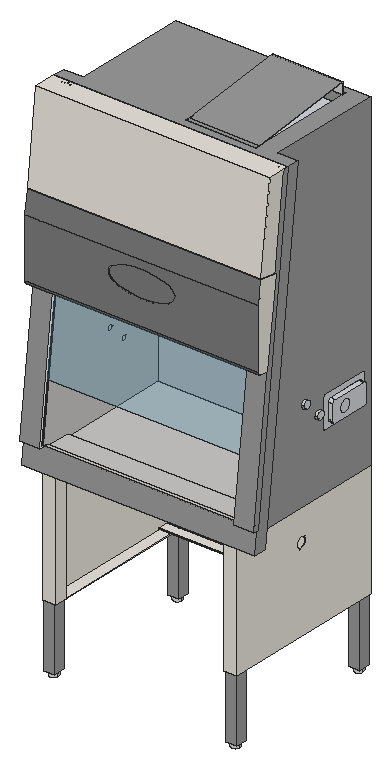
Revit family "NU-543 LabGard Class II Type A2 Laminar Flow Biosafety Cabinet", category Mechanical Equipment, Revit 2020
Family settings
  Round Connector Dimension = Use Diameter
  Part Type = Normal
  OmniClass Number = 23.75.00.00
  OmniClass Title = Climate Control (HVAC)
  Work Plane-Based = No
  Always vertical = Yes
  Cut with Voids When Loaded = No
  Shared = No
  Room Calculation Point = No
Parameters (values of type "NU-543-300")
  window width = 2' - 11 7/8"
  transition width = 1' - 1 3/8"
  transition depth = 1' - 7 1/8"
  exhaust ring inner = 0' - 3 15/16"
  exhaust door width = 1' - 1 3/16"
  crossbar = 2' - 10 9/64"
  Workzone Width = 2' - 10 3/8"
  Overall Width = 3' - 5 9/16"
  Model = "NU-543-300"
  Manufacturer = "NuAire Inc."
  Exhaust Filter Width = 1' - 0 1/2"
  Exhaust Diameter = 0' - 8"
  Exhaust Center = 1' - 1"
  Description = "LabGard Class II Type A2 Laminar Flow Biosafety Cabinet 115v"
  Default Elevation = 0' - 0"
  Cabinet Width = 2' - 10 9/16"
  Cabinet Height = 4' - 10 7/8"
  Cabinet Depth = 2' - 6"
Types (4): name | window width | transition width | exhaust ring inner | exhaust door width | crossbar | Workzone Width | Overall Width | Model | Exhaust Filter Width | Exhaust Diameter | Exhaust Center | Cabinet Width
  NU-543-600 | 5' - 11 7/8" | 2' - 11 3/8" | 0' - 4 15/16" | 2' - 7 3/16" | 5' - 10.1415" | 5' - 10 3/8" | 6' - 5 9/16" | "NU-543-600" | 2' - 10 1/2" | 0' - 10" | 2' - 0" | 5' - 10 9/16"
  NU-543-500 | 4' - 11 7/8" | 2' - 5 3/8" | 0' - 4 15/16" | 2' - 7 3/16" | 4' - 10 9/64" | 4' - 10 3/8" | 5' - 5 9/16" | "NU-543-500" | 2' - 4 1/2" | 0' - 10" | 1' - 9" | 4' - 10 9/16"
  NU-543-400 | 3' - 11 3/8" | 1' - 9 3/8" | 0' - 4 15/16" | 1' - 7 3/16" | 3' - 10 9/64" | 3' - 10 3/8" | 4' - 5 9/16" | "NU-543-400" | 1' - 8 1/2" | 0' - 10" | 1' - 5" | 3' - 10 9/16"
  NU-543-300 | 2' - 11 7/8" | 1' - 1 3/8" | 0' - 3 15/16" | 1' - 1 3/16" | 2' - 10 9/64" | 2' - 10 3/8" | 3' - 5 9/16" | "NU-543-300" | 1' - 0 1/2" | 0' - 8" | 1' - 1" | 2' - 10 9/16"
Reference planes (in)
  plane 1 "Center (Front/Back)": y = 0
  plane 2: z = 0
  plane 3 "Center (Left/Right)": x = 0
  plane 4: x = -17.28125
  plane 5: x = 17.28125
  plane 6: y = -30
  plane 7 "Cabinet Base": z = 32.5
  plane 8 "Cabinet Top": z = 91.375
  plane 9: x = -20.78125
  plane 10: x = 20.78125
  plane 11: z = 12
  plane 12: z = 36.5
  plane 13: z = 89.703
  plane 14: z = 0.75
  plane 15: z = 12.074
  plane 16: z = 12.25
  plane 17: z = 22.21875
  plane 18: x = -17.07031
  plane 19: x = 17.07031
  plane 20: x = -17.9375
  plane 21: x = 17.9375
  plane 22: z = 68.23219
  plane 23: x = 18.3125
  plane 24: x = 17.34375
  plane 25: z = 99.875
Forms (in)
  Extrusion 1, solid
    sketch origin (0, 0, 0) x (0, 1, 0) y (0, 0, 1)
      loop
        line (0, 32.5) -> (0, 91.375) -> (-22.77106, 91.375) -> (-30, 32.5) -> (0, 32.5)
    from -20.78125 to 20.78125
  Extrusion 2, void
    sketch origin (0, 0, 0) x (0, 1, 0) y (0, 0, 1)
      loop
        line (-20.6301, 91.375) -> (-27.85904, 32.5) -> (0, 32.5) -> (0, 91.375) -> (-20.6301, 91.375)
    from -20.78125 to -17.28125
  Extrusion 3, void
    sketch origin (0, 0, 0) x (0, 1, 0) y (0, 0, 1)
      loop
        line (-20.6301, 91.375) -> (-27.85904, 32.5) -> (0, 32.5) -> (0, 91.375) -> (-20.6301, 91.375)
    from 17.28125 to 20.78125
  Extrusion 4, void
    sketch origin (0, 0, 0) x (0, 1, 0) y (0, 0, 1)
      loop
        line (-29.50886, 36.5) -> (-28.88386, 36.5) -> (-28.88386, 36.1875) -> (-24.25886, 36.1875) -> (-24.25886, 35.6875) -> (-4.18074, 35.6875) -> (-4.18074, 63.9375) -> (-26.13996, 63.9375) -> (-29.50886, 36.5)
    from -17.1875 to 17.1875
  Extrusion 5, void
    sketch origin (0, 0, 91.375) x (1, 0, 0) y (0, -1, 0)
      loop
        line (13.98425, 2.047) -> (13.98425, 20.547) -> (1.48425, 20.547) -> (1.48425, 2.047) -> (13.98425, 2.047)
    from 0 to 1.672
  Extrusion 6, solid
    sketch origin (0, -30, 32.5) x (1, 0, 0) y (0, -1, 0)
      loop
        line (17.28125, -30) -> (17.28125, -0.29687) -> (14.96225, -0.29687) -> (14.96225, -2.54287) -> (17.13325, -2.54287) -> (17.13325, -27.754) -> (14.96225, -27.754) -> (14.96225, -30) -> (17.28125, -30)
      loop
        line (-17.28125, -30) -> (-14.96225, -30) -> (-14.96225, -27.754) -> (-17.13325, -27.754) -> (-17.13325, -2.54287) -> (-14.96225, -2.54287) -> (-14.96225, -0.29687) -> (-17.28125, -0.29687) -> (-17.28125, -30)
    from 0 to 20.5
  Extrusion 7, solid
    sketch origin (0, -30, 12) x (0, 1, 0) y (1, 0, 0)
      loop
        line (0.42187, -17.15625) -> (2.42187, -17.15625) -> (2.42187, -15.15625) -> (0.42187, -15.15625) -> (0.42187, -17.15625)
      loop
        line (0.42362, 17.15625) -> (0.42362, 15.15625) -> (2.42362, 15.15625) -> (2.42362, 17.15625) -> (0.42362, 17.15625)
      loop
        line (29.875, 17.15625) -> (27.875, 17.15625) -> (27.875, 15.15625) -> (29.875, 15.15625) -> (29.875, 17.15625)
      loop
        line (27.875, -17.15625) -> (29.875, -17.15625) -> (29.875, -15.15625) -> (27.875, -15.15625) -> (27.875, -17.15625)
    from 0 to 11.25
  Extrusion 8, solid
    sketch origin (0, -30, 0.75) x (-1, 0, 0) y (0, 1, 0)
      loop
        circle (16.15625, 1.40689) r 0.75
      loop
        circle (-16.15625, 1.42362) r 0.75
      loop
        circle (-16.15625, 28.875) r 0.75
      loop
        circle (16.15625, 28.875) r 0.75
    from 0 to 0.75
  Extrusion 9, void
    sketch origin (0, 0, 0) x (0, 1, 0) y (0, 0, 1)
      loop
        circle (-15.375, 27) r 1
    from -17.28125 to 17.28125
  Extrusion 10, solid
    sketch origin (0, -30, 12) x (0, 1, 0) y (1, 0, 0)
      loop
        line (2.54287, 17.13325) -> (2.54287, 14.96225) -> (27.754, 14.96225) -> (27.754, 17.13325) -> (2.54287, 17.13325)
      loop
        line (27.754, -14.96225) -> (2.54287, -14.96225) -> (2.54287, -17.13325) -> (27.754, -17.13325) -> (27.754, -14.96225)
    from 0 to -0.074
  Extrusion 11, solid
    sketch origin (0, 0, 0) x (0, 1, 0) y (0, 0, 1)
      loop
        line (-4.246, 22.21875) -> (-4.246, 22.09375) -> (-2.3085, 22.09375) -> (-2.3085, 12.375) -> (-4.246, 12.375) -> (-4.246, 12.25) -> (-2.246, 12.25) -> (-2.246, 22.21875) -> (-4.246, 22.21875)
    from -17.07031 to 17.07031
  Extrusion 12, solid
    sketch origin (0, 0, 0) x (0, 1, 0) y (0, 0, 1)
      loop
        line (-29.53701, 36.27075) -> (-22.77106, 91.375) -> (-23.59218, 91.375) -> (-30.34593, 36.37008) -> (-29.53701, 36.27075)
    from 17.28125 to 20.78125
  Extrusion 13, solid
    sketch origin (-20.78125, 0, 0) x (0, -1, 0) y (0, 0, 1)
      loop
        line (22.77106, 91.375) -> (29.53701, 36.27075) -> (30.34593, 36.37008) -> (23.59218, 91.375) -> (22.77106, 91.375)
    from 0 to -3.5
  Extrusion 14, void
    sketch origin (0, 0.01127, -0.00138) x (0, 1, 0) y (0, 0, 1)
      loop
        line (-29.63061, 36.53412) -> (-22.89683, 91.37638) -> (-23.3272, 91.37638) -> (-30.05459, 36.58618) -> (-29.63061, 36.53412)
    from -17.9375 to 17.9375
  Extrusion 15, solid
    sketch origin (0, 0, 0) x (0, 1, 0) y (0, 0, 1)
      loop
        line (-28.40065, 46.4582) -> (-24.84342, 75.3651) -> (-25.02951, 75.388) -> (-28.58675, 46.48105) -> (-28.40065, 46.4582)
    from -17.9375 to 17.9375
  Extrusion 16, solid
    sketch origin (0, 0, 0) x (0, 1, 0) y (0, 0, 1)
      loop
        line (-23.59218, 91.375) -> (-22.77106, 91.375) -> (-22.77106, 91.4375) -> (-26.85891, 91.4375) -> (-28.74501, 76.07644) -> (-25.51924, 75.68036) -> (-23.59218, 91.375)
      loop
        line (-25.53447, 75.5563) -> (-28.76025, 75.95237) -> (-29.24772, 71.98219) -> (-29.24772, 61.39724)
        arc (-29.24772, 61.39724) -> (-29.10651, 61.02451) -> (-28.75378, 60.83893) r 0.5625
        line (-28.75378, 60.83893) -> (-27.36251, 60.6681) -> (-25.53447, 75.5563)
    from -20.78125 to 20.78125
  Extrusion 17, void
    sketch origin (0, -29.24772, 71.98219) x (0, 0, 1) y (1, 0, 0)
      loop
        spline (-3.71919, -5.96875) -> (-3.10786, -5.76537) -> (-2.53819, -5.16909) -> (-2.049, -4.22054) -> (-1.67363, -2.98438) -> (-1.43767, -1.54483) -> (-1.35719, 0) -> (-1.43767, 1.54483) -> (-1.67363, 2.98437) -> (-2.049, 4.22054) -> (-2.53819, 5.16909) -> (-3.10786, 5.76537) -> (-3.71919, 5.96875)
        spline (-3.71919, 5.96875) -> (-4.33052, 5.76537) -> (-4.90019, 5.16909) -> (-5.38937, 4.22054) -> (-5.76474, 2.98437) -> (-6.0007, 1.54483) -> (-6.08119, 0) -> (-6.0007, -1.54483) -> (-5.76474, -2.98438) -> (-5.38937, -4.22054) -> (-4.90019, -5.16909) -> (-4.33052, -5.76537) -> (-3.71919, -5.96875)
    from 0 to 0.07687
  Extrusion 18, void
    sketch origin (0, 0, 0) x (0, 1, 0) y (0, 0, 1)
      loop
        circle (-11.846, 45.958) r 0.5
      loop
        circle (-14.842, 48.958) r 0.5
    from -17.28125 to 17.28125
  Extrusion 19, solid
    sketch origin (-0.214, 0, 0) x (0, 1, 0) y (0, 0, 1)
      loop
        arc (-10.1875, 48.25) -> (-10.36428, 48.17678) -> (-10.4375, 48) r 0.25
        line (-10.4375, 48) -> (-10.4375, 43)
        arc (-10.4375, 43) -> (-10.36428, 42.82322) -> (-10.1875, 42.75) r 0.25
        line (-10.1875, 42.75) -> (-1.6875, 42.75)
        arc (-1.6875, 42.75) -> (-1.51072, 42.82322) -> (-1.4375, 43) r 0.25
        line (-1.4375, 43) -> (-1.4375, 48)
        arc (-1.4375, 48) -> (-1.51072, 48.17678) -> (-1.6875, 48.25) r 0.25
        line (-1.6875, 48.25) -> (-10.1875, 48.25)
      loop
        arc (-9.0625, 47.375) -> (-9.41605, 47.22855) -> (-9.5625, 46.875) r 0.5
        line (-9.5625, 46.875) -> (-9.5625, 44.125)
        arc (-9.5625, 44.125) -> (-9.41605, 43.77145) -> (-9.0625, 43.625) r 0.5
        line (-9.0625, 43.625) -> (-2.8125, 43.625)
        arc (-2.8125, 43.625) -> (-2.45895, 43.77145) -> (-2.3125, 44.125) r 0.5
        line (-2.3125, 44.125) -> (-2.3125, 46.875)
        arc (-2.3125, 46.875) -> (-2.45895, 47.22855) -> (-2.8125, 47.375) r 0.5
        line (-2.8125, 47.375) -> (-9.0625, 47.375)
    from 17.49525 to 17.55775
  Extrusion 20, solid
    sketch origin (17.28125, 0, 0) x (0, 1, 0) y (0, 0, 1)
      loop
        arc (-9.0625, 47.375) -> (-9.41605, 47.22855) -> (-9.5625, 46.875) r 0.5
        line (-9.5625, 46.875) -> (-9.5625, 44.125)
        arc (-9.5625, 44.125) -> (-9.41605, 43.77145) -> (-9.0625, 43.625) r 0.5
        line (-9.0625, 43.625) -> (-2.8125, 43.625)
        arc (-2.8125, 43.625) -> (-2.45895, 43.77145) -> (-2.3125, 44.125) r 0.5
        line (-2.3125, 44.125) -> (-2.3125, 46.875)
        arc (-2.3125, 46.875) -> (-2.45895, 47.22855) -> (-2.8125, 47.375) r 0.5
        line (-2.8125, 47.375) -> (-9.0625, 47.375)
    from 0 to 1.03125
  Extrusion 21, void
    sketch origin (0, 0, 0) x (0, 1, 0) y (0, 0, 1)
      loop
        circle (-6.9375, 45.5) r 1.12448
    from 18.20767 to 18.3125
  Extrusion 22, solid
    sketch origin (0, -20.6301, 91.375) x (0, -0.121869, -0.992546) y (-1, 0, 0)
      loop
        circle (57.52663, 18.96723) r 0.5
    from 0 to 0.0987
  Extrusion 23, solid
    sketch origin (0, 0, 0) x (0, 1, 0) y (0, 0, 1)
      loop
        circle (-11.846, 45.958) r 0.625
      loop
        circle (-14.846, 48.954) r 0.625
    from 17.28125 to 17.9375
  Extrusion 24, solid
    sketch origin (-17.28125, 0, 0) x (0, -1, 0) y (0, 0, 1)
      loop
        circle (14.84766, 48.954) r 0.625
      loop
        circle (11.846, 45.95312) r 0.625
    from 0 to 0.65625
  Extrusion 25, solid
    sketch origin (1.48425, -20.547, 91.375) x (0, 1, 0) y (0, 0, 1)
      loop
        line (18.5, 0) -> (19.25, 0) -> (19.25, 0.05) -> (18.55, 0.05) -> (18.55, 2.05541) -> (0, 0.05) -> (-0.75, 0.05) -> (-0.75, 0) -> (0, 0) -> (18.5, 2) -> (18.5, 0)
    from 0 to 12.5
Cuts and joins
  Extrusion 2, Extrusion 3, Extrusion 4, Extrusion 5, Extrusion 17, Extrusion 18 cuts Extrusion 1
  Extrusion 9 cuts Extrusion 6
  Extrusion 14, Extrusion 18 cuts Extrusion 13
  Extrusion 14 cuts Extrusion 12
  Extrusion 17 cuts Extrusion 15
  Extrusion 17 cuts Extrusion 16
  Extrusion 21 cuts Extrusion 20
  joined: Extrusion 19, Extrusion 20
Dimensions and locks (in)
  equal spacing: plane 4, plane 3 "Center (Left/Right)", plane 5
  "Cabinet Width": plane 4 to plane 5
  "Cabinet Depth": plane 1 "Center (Front/Back)" to plane 6
  "Cabinet Height": plane 8 "Cabinet Top" to plane 7 "Cabinet Base"
  equal spacing: plane 10, plane 3 "Center (Left/Right)", plane 9
  "Overall Width": plane 10 to plane 9
  plane 7 "Cabinet Base" to Extrusion 1 = 4' - 10 7/8"
  locked: Extrusion 2 sketch curve to Extrusion 1 at 2.125
  Extrusion 2 to plane 7 "Cabinet Base" = 4' - 10 7/8"
  locked: cut or joined group of Extrusion 1, Extrusion 2, Extrusion 3, Extrusion 4, Extrusion 5, Extrusion 17, Extrusion 18 to Extrusion 3 sketch curve at 2.125
  Extrusion 3 to plane 7 "Cabinet Base" = 4' - 10 7/8"
  plane 7 "Cabinet Base" to level = 2' - 8 1/2"
  equal spacing: cut or joined group of Extrusion 1, Extrusion 2, Extrusion 3, Extrusion 4, Extrusion 5, Extrusion 17, Extrusion 18, plane 3 "Center (Left/Right)", cut or joined group of Extrusion 1, Extrusion 2, Extrusion 3, Extrusion 4, Extrusion 5, Extrusion 17, Extrusion 18
  "Workzone Width": cut or joined group of Extrusion 1, Extrusion 2, Extrusion 3, Extrusion 4, Extrusion 5, Extrusion 17, Extrusion 18 to cut or joined group of Extrusion 1, Extrusion 2, Extrusion 3, Extrusion 4, Extrusion 5, Extrusion 17, Extrusion 18
  locked: Extrusion 5 sketch curve to plane 5 at 3.297
  "Exhaust Filter Width": Extrusion 5 sketch curve to Extrusion 5 sketch curve
  locked: Extrusion 5 sketch curve to plane 1 "Center (Front/Back)" at 2.047
  Extrusion 5 sketch curve to Extrusion 5 sketch curve = 1' - 6 1/2"
  locked: Extrusion 6 to Extrusion 7 sketch curve at 0.125
  locked: Extrusion 7 sketch curve to Extrusion 6 at 0.125  (x4)
  Extrusion 7 sketch curve to Extrusion 7 sketch curve = 0' - 2"  (x8)
  Extrusion 6 to Extrusion 7 sketch curve = 0' - 0 1/8"  (x2)
  Extrusion 6 to Extrusion 7 sketch curve = 0' - 0.12674"
  Extrusion 8 sketch curve to Extrusion 7 = 0' - 1"  (x2)
  Extrusion 7 to Extrusion 8 sketch curve = 0' - 0.98502"
  Extrusion 7 to Extrusion 8 sketch curve = 0' - 1"  (x5)
  Extrusion 6 to Extrusion 9 sketch curve = 0' - 5 1/2"
  Extrusion 6 to Extrusion 9 sketch curve = 1' - 3 3/8"
  equal spacing: plane 19, plane 3 "Center (Left/Right)", plane 18
  "crossbar": plane 19 to plane 18
  cut or joined group of Extrusion 1, Extrusion 2, Extrusion 3, Extrusion 4, Extrusion 5, Extrusion 17, Extrusion 18 to Extrusion 12 sketch curve = 0' - 0.815"
  Extrusion 13 to Extrusion 14 sketch curve = 0' - 0.11365"
  Extrusion 14 sketch curve to Extrusion 14 sketch curve = 0' - 0.42716"
  Extrusion 13 to Extrusion 14 sketch curve = 0' - 0 1/4"
  equal spacing: plane 21, plane 3 "Center (Left/Right)", plane 20
  "window width": plane 21 to plane 20
  cut or joined group of Extrusion 13, Extrusion 14, Extrusion 18 to Extrusion 15 sketch curve to Extrusion 15 sketch curve = 0' - 10", 2' - 5 1/8" locked
  equal spacing: Extrusion 15, plane 3 "Center (Left/Right)", Extrusion 15
  "window width": Extrusion 15 to Extrusion 15
  locked: Extrusion 16 sketch curve to Extrusion 16 sketch curve at 15
  locked: Extrusion 16 sketch curve to Extrusion 16 sketch curve at 4
  Extrusion 16 sketch curve to Extrusion 16 sketch curve = 2' - 6 15/16"
  equal spacing: Extrusion 16, plane 3 "Center (Left/Right)", Extrusion 16
  "Overall Width": Extrusion 16 to Extrusion 16
  equal spacing: plane 10, Extrusion 17 sketch curve, plane 9
  Extrusion 18 sketch curve to cut or joined group of Extrusion 1, Extrusion 2, Extrusion 3, Extrusion 4, Extrusion 5, Extrusion 17, Extrusion 18 = 1' - 2.842"
  Extrusion 18 sketch curve to cut or joined group of Extrusion 6, Extrusion 9 = 1' - 1.458"
  Extrusion 18 sketch curve to cut or joined group of Extrusion 6, Extrusion 9 = 1' - 4.458"
  Extrusion 19 sketch curve to cut or joined group of Extrusion 1, Extrusion 2, Extrusion 3, Extrusion 4, Extrusion 5, Extrusion 17, Extrusion 18 = 0' - 1 7/16"
  Extrusion 19 sketch curve to Extrusion 19 sketch curve = 0' - 9"
  Extrusion 19 sketch curve to cut or joined group of Extrusion 6, Extrusion 9 = 0' - 10 1/4"
  Extrusion 19 sketch curve to Extrusion 19 sketch curve = 0' - 5 1/2"
  Extrusion 19 sketch curve to Extrusion 19 sketch curve = 0' - 3 3/4"
  Extrusion 19 sketch curve to Extrusion 19 sketch curve = 0' - 7 1/4"
  Extrusion 19 sketch curve to Extrusion 19 sketch curve = 0' - 0 7/8"
  plane 10 to plane 23 to cut or joined group of Extrusion 1, Extrusion 2, Extrusion 3, Extrusion 4, Extrusion 5, Extrusion 17, Extrusion 18 = 0' - 2 15/32" locked, 0' - 1 1/32" locked
  Extrusion 21 sketch curve to cut or joined group of Extrusion 6, Extrusion 9 = 1' - 1"
  Extrusion 21 sketch curve to cut or joined group of Extrusion 1, Extrusion 2, Extrusion 3, Extrusion 4, Extrusion 5, Extrusion 17, Extrusion 18 = 0' - 6 15/16"
  plane 23 to plane 24 to cut or joined group of Extrusion 19, Extrusion 20, Extrusion 21 = 0' - 0 31/32" locked, 0' - 0 1/16" locked
  locked: cut or joined group of Extrusion 19, Extrusion 20, Extrusion 21 to cut or joined group of Extrusion 19, Extrusion 20, Extrusion 21 at 0.10483
  locked: cut or joined group of Extrusion 1, Extrusion 2, Extrusion 3, Extrusion 4, Extrusion 5, Extrusion 17, Extrusion 18 to plane 23 at 1.03125
  Extrusion 22 sketch curve to cut or joined group of Extrusion 1, Extrusion 2, Extrusion 3, Extrusion 4, Extrusion 5, Extrusion 17, Extrusion 18 = 0' - 1.79051"
  cut or joined group of Extrusion 1, Extrusion 2, Extrusion 3, Extrusion 4, Extrusion 5, Extrusion 17, Extrusion 18 to Extrusion 22 sketch curve = 0' - 1.81402"
  Extrusion 18 sketch curve to cut or joined group of Extrusion 1, Extrusion 2, Extrusion 3, Extrusion 4, Extrusion 5, Extrusion 17, Extrusion 18 = 0' - 11.846"
  Extrusion 23 sketch curve to cut or joined group of Extrusion 6, Extrusion 9 = 1' - 1.458"
  Extrusion 23 sketch curve to cut or joined group of Extrusion 6, Extrusion 9 = 1' - 4.454"
  Extrusion 23 sketch curve to cut or joined group of Extrusion 1, Extrusion 2, Extrusion 3, Extrusion 4, Extrusion 5, Extrusion 17, Extrusion 18 = 0' - 11.846"
  Extrusion 23 sketch curve to cut or joined group of Extrusion 1, Extrusion 2, Extrusion 3, Extrusion 4, Extrusion 5, Extrusion 17, Extrusion 18 = 1' - 2.846"
  Extrusion 24 sketch curve to cut or joined group of Extrusion 6, Extrusion 9 = 1' - 1 29/64"
  Extrusion 24 sketch curve to cut or joined group of Extrusion 6, Extrusion 9 = 1' - 4.454"
  cut or joined group of Extrusion 1, Extrusion 2, Extrusion 3, Extrusion 4, Extrusion 5, Extrusion 17, Extrusion 18 to Extrusion 24 sketch curve = 0' - 11.846"
  cut or joined group of Extrusion 1, Extrusion 2, Extrusion 3, Extrusion 4, Extrusion 5, Extrusion 17, Extrusion 18 to Extrusion 24 sketch curve = 1' - 2 217/256"
  locked: plane 6 to Extrusion 1 sketch curve (angle 7.00°)
  aligned and locked: level to plane 2
  aligned and locked: plane 1 "Center (Front/Back)" to Extrusion 1 sketch curve
  aligned and locked: plane 8 "Cabinet Top" to Extrusion 1 sketch curve
  aligned and locked: plane 7 "Cabinet Base" to Extrusion 1 sketch curve
  aligned and locked: Extrusion 1 to plane 9
  aligned and locked: Extrusion 1 to plane 10
  aligned and locked: Extrusion 2 sketch curve to Extrusion 1  (x3)
  aligned and locked: Extrusion 2 to plane 9
  aligned and locked: plane 4 to Extrusion 2
  aligned and locked: cut or joined group of Extrusion 1, Extrusion 2, Extrusion 3, Extrusion 4, Extrusion 5, Extrusion 17, Extrusion 18 to Extrusion 3 sketch curve  (x2)
  aligned and locked: Extrusion 3 sketch curve to cut or joined group of Extrusion 1, Extrusion 2, Extrusion 3, Extrusion 4, Extrusion 5, Extrusion 17, Extrusion 18
  aligned and locked: Extrusion 3 to plane 10
  aligned and locked: Extrusion 3 to plane 5
  aligned and locked: Extrusion 5 to plane 13
  aligned and locked: Extrusion 6 to plane 11
  aligned and locked: Extrusion 6 to plane 7 "Cabinet Base"
  aligned and locked: plane 14 to Extrusion 7
  aligned and locked: Extrusion 8 to level
  aligned and locked: plane 5 to Extrusion 9
  aligned and locked: Extrusion 9 to plane 4
  aligned and locked: Extrusion 10 sketch curve to cut or joined group of Extrusion 6, Extrusion 9  (x8)
  aligned and locked: plane 15 to Extrusion 10
  aligned and locked: Extrusion 11 to plane 18
  aligned and locked: plane 19 to Extrusion 11
  aligned and locked: plane 8 "Cabinet Top" to Extrusion 12 sketch curve
  aligned and locked: Extrusion 12 to plane 10
  aligned and locked: Extrusion 12 to plane 5
  aligned and locked: plane 8 "Cabinet Top" to Extrusion 13 sketch curve
  aligned and locked: cut or joined group of Extrusion 1, Extrusion 2, Extrusion 3, Extrusion 4, Extrusion 5, Extrusion 17, Extrusion 18 to Extrusion 13 sketch curve
  aligned and locked: Extrusion 13 sketch curve to Extrusion 12  (x2)
  aligned and locked: plane 4 to Extrusion 13
  aligned and locked: Extrusion 14 to plane 20
  aligned and locked: Extrusion 14 to plane 21
  aligned and locked: Extrusion 14 to plane 8 "Cabinet Top"
  aligned and locked: plane 5 to Extrusion 18
  aligned and locked: Extrusion 18 to plane 4
  aligned and locked: Extrusion 19 to plane 5
  aligned and locked: Extrusion 19 to Extrusion 20 sketch curve  (x4)
  aligned and locked: Extrusion 20 to plane 23
  aligned and locked: Extrusion 21 to plane 23
  aligned and locked: Extrusion 20 to plane 5
  aligned and locked: Extrusion 19 to plane 24
  aligned and locked: Extrusion 23 to plane 5
  aligned and locked: Extrusion 24 to plane 20
  aligned and locked: plane 21 to Extrusion 23
  aligned and locked: cut or joined group of Extrusion 1, Extrusion 2, Extrusion 3, Extrusion 4, Extrusion 5, Extrusion 17, Extrusion 18 to Extrusion 25
  aligned and locked: Extrusion 25 to cut or joined group of Extrusion 1, Extrusion 2, Extrusion 3, Extrusion 4, Extrusion 5, Extrusion 17, Extrusion 18
Automatic sketch dimensions
  Extrusion 1 sketch curve to plane 6 = 0' - 0"
  plane 12 to Extrusion 4 sketch curve = 0' - 0"
  plane 6 to Extrusion 4 sketch curve = 0' - 0.49114"
  plane 12 to Extrusion 4 sketch curve = 0' - 0 5/16"
  Extrusion 4 sketch curve to Extrusion 4 sketch curve = 0' - 0 5/8"
  plane 6 to Extrusion 4 sketch curve = 0' - 3.86004"
  plane 12 to Extrusion 4 sketch curve = 0' - 0 13/16"
  Extrusion 4 sketch curve to Extrusion 4 sketch curve = 0' - 4 5/8"
  plane 1 "Center (Front/Back)" to Extrusion 4 sketch curve = 0' - 4.18074"
  Extrusion 4 sketch curve to plane 13 = 2' - 1.7655"
  Extrusion 1 to Extrusion 6 sketch curve = 0' - 0"  (x2)
  Extrusion 6 sketch curve to Extrusion 1 = 0' - 3 1/2"
  Extrusion 6 sketch curve to Extrusion 6 sketch curve = 0' - 0.148"  (x2)
  Extrusion 6 sketch curve to Extrusion 6 sketch curve = 0' - 2.171"  (x3)
  Extrusion 1 to Extrusion 6 sketch curve = 0' - 2.246"  (x2)
  Extrusion 6 sketch curve to Extrusion 1 = 0' - 5.819"  (x2)
  Extrusion 6 sketch curve to Extrusion 1 = 0' - 0 19/64"  (x2)
  Extrusion 6 sketch curve to Extrusion 6 sketch curve = 0' - 2.246"  (x2)
  Extrusion 11 sketch curve to plane 17 = 0' - 0"
  Extrusion 11 sketch curve to plane 16 = 0' - 0"
  plane 1 "Center (Front/Back)" to Extrusion 11 sketch curve = 0' - 4.246"  (x2)
  plane 16 to Extrusion 11 sketch curve = 0' - 0 1/8"
  Extrusion 11 sketch curve to Extrusion 11 sketch curve = 0' - 1 15/16"
  Extrusion 11 sketch curve to Extrusion 11 sketch curve = 0' - 0 1/16"
  Extrusion 11 sketch curve to Extrusion 11 sketch curve = 0' - 0 1/8"
  plane 6 to Extrusion 12 sketch curve = 0' - 0.46299"
  Extrusion 12 sketch curve to plane 6 = 0' - 0.34593"
  plane 8 "Cabinet Top" to Extrusion 14 sketch curve = 0' - 0"
  Extrusion 15 sketch curve to Extrusion 15 sketch curve = 0' - 0.1861"
  plane 6 to Extrusion 15 sketch curve = 0' - 1.41325"
  plane 6 to Extrusion 15 sketch curve = 0' - 4.97049"
  level to Extrusion 15 sketch curve = 6' - 3.3651"
  plane 8 "Cabinet Top" to Extrusion 16 sketch curve = 0' - 0"
  Extrusion 16 sketch curve to Extrusion 16 sketch curve = 0' - 0.01523"  (x2)
  Extrusion 16 sketch curve to Extrusion 16 sketch curve = 0' - 1.39126"
  Extrusion 16 sketch curve to plane 8 "Cabinet Top" = 0' - 0 1/16"
  Extrusion 16 sketch curve to Extrusion 16 sketch curve = 0' - 0.82112"
  Extrusion 16 sketch curve to Extrusion 16 sketch curve = 0' - 0.12407"
  plane 6 to Extrusion 16 sketch curve = 0' - 0.75228"
  plane 6 to Extrusion 16 sketch curve = 0' - 1.23975"
  Extrusion 16 sketch curve to Extrusion 16 sketch curve = 0' - 0.49395"
  plane 6 to Extrusion 16 sketch curve = 0' - 3.14109"
  Extrusion 17 sketch curve to Extrusion 16 = 0' - 3.71919"
  Extrusion 17 sketch curve to Extrusion 17 sketch curve = 0' - 5 31/32"
  Extrusion 19 sketch curve to Extrusion 19 sketch curve = 0' - 0 1/4"  (x4)
  Extrusion 19 sketch curve to Extrusion 19 sketch curve = 0' - 0 5/8"
  Extrusion 19 sketch curve to Extrusion 19 sketch curve = 0' - 0 1/2"  (x4)
  Extrusion 20 sketch curve to Extrusion 20 sketch curve = 0' - 0 1/2"  (x4)
  Extrusion 25 sketch curve to Extrusion 5 = 0' - 0"  (x4)
  Extrusion 5 to Extrusion 25 sketch curve = 0' - 0"
  Extrusion 25 sketch curve to Extrusion 5 = 0' - 0 3/4"
  Extrusion 25 sketch curve to Extrusion 5 = 0' - 0.05"  (x2)
  Extrusion 5 to Extrusion 25 sketch curve = 0' - 0 3/4"
  Extrusion 25 sketch curve to Extrusion 25 sketch curve = 0' - 1.95"
  Extrusion 5 to Extrusion 25 sketch curve = 0' - 0.05"
  Extrusion 25 sketch curve to Extrusion 25 sketch curve = 0' - 0.05541"
  radius of Extrusion 8 sketch curve = 0' - 0 3/4"  (x4)
  radius of Extrusion 9 sketch curve = 0' - 1"
  radius of Extrusion 18 sketch curve = 0' - 0 1/2"  (x2)
  radius of Extrusion 21 sketch curve = 0' - 1.12448"
  radius of Extrusion 22 sketch curve = 0' - 0 1/2"
  radius of Extrusion 23 sketch curve = 0' - 0 5/8"  (x2)
  radius of Extrusion 24 sketch curve = 0' - 0 5/8"  (x2)
Connectors (in)
  piping at (17.9375, -11.846, 45.958), diameter 0.875
    settings: on Extrusion 23, index 2, connector inside diameter 24", connector length 0' - 0", flow factor 0, pipe flow 0 GPM, pressure drop 0.00 psi, fitting loss kfactor 0, connector angle 0.00°, fixture units 0, engagement length 0' - 0", angle of deflection 0.00°, flow configuration 0, flow direction 1, fitting loss method 0, system type 28, joint type 0, gender type 0, connector reference index -1, connector utility 0, adjustable connector no, is connector primary yes, connector description ""
  piping at (17.9375, -14.846, 48.954), diameter 0.875
    settings: on Extrusion 23, index 3, connector inside diameter 24", connector length 0' - 0", flow factor 0, pipe flow 0 GPM, pressure drop 0.00 psi, fitting loss kfactor 0, connector angle 0.00°, fixture units 0, engagement length 0' - 0", angle of deflection 0.00°, flow configuration 0, flow direction 0, fitting loss method 0, system type 28, joint type 0, gender type 0, connector reference index -1, connector utility 0, adjustable connector no, is connector primary no, connector description ""
  electrical at (-18.96723, -27.54287, 34.26514)
    settings: on Extrusion 22, index 4, voltage 115 V, apparent load 0 VA, apparent load phase1 0 VA, apparent load phase2 0 VA, apparent load phase3 0 VA, power factor 1, load classification "Power", number of poles 2, system type 31, power factor state 1, is connector primary yes, connector utility yes, sub classification motor no, connector description ""
